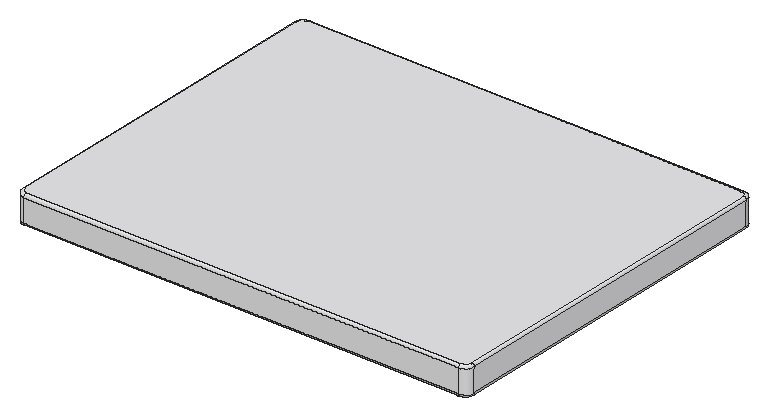
Revit family "Accessory-Tray-KOHLER-Draft-K-27357_1", category Specialty Equipment, host Face, Revit 2017
Family settings
  Host = Face
  Round Connector Dimension = Use Diameter
  Part Type = Normal
  OmniClass Number = 23.31.25.00
  OmniClass Title = Toilet and Bath Specialties
  Cut with Voids When Loaded = No
  Shared = No
  Room Calculation Point = No
Parameters (values of type "0-White")
  Width = 5 15/16"  # constant formula
  WaterSense Certified = 1 = 0  # no
  URL = "https://www.us.kohler.com/us/"
  Type = 1
  Product Page URL = "http://www.us.kohler.com/us/catalog/productDetails.jsp?productNumber=27357"
  Product Name = "Draft"  # constant formula
  Product Documentation Link = "https://www.us.kohler.com/webassets/kpna/catalog/pdf/en/K-27357_spec.pdf"
  Model = if(Type = 1, "K-27357-0", if(Type = 2, " K-27357-7", "NA"))  # "K-27357-0"
  Material = "Durable Composite Material"  # constant formula
  Master Format 2014 Name = "Toilet, Bath, and Laundry Accessories"  # constant formula
  Master Format 2014 = "10 28 00"  # constant formula
  Manufacturer Address = "444 Highland Dr, Kohler, WI 53044"  # constant formula
  Manufacturer = "KOHLER Co."  # constant formula
  Length = 4 11/16"  # constant formula
  Height = 3/8"  # constant formula
  Finish = Kohler-Plastic-0-White
  Environmental Product Declaration = ""
  Description = "6 inch tray"  # constant formula
  Default Elevation = 42"
  Declare Label = ""
  Date Modified = "03/30/2020"  # constant formula
  Date Created = "03/30/2020"  # constant formula
  Copyright = "Copyright KOHLER Co."  # constant formula
  Contact Us = "https://www.us.kohler.com/us/static/contact.jsp"
  Assembly Code = "C1030200"
  ADA Compliant = 1 = 0  # no
Types (3): name | Type | Model | Finish
  (no name) | 1 | "K-27357-0" | Kohler-Plastic-0-White
  0-White | 1 | "K-27357-0" | Kohler-Plastic-0-White
  7-Black Black | 2 | " K-27357-7" | Kohler-Plastic-7-Black_Black
Reference planes (in)
  plane 1 "Center (Front/Back)": y = 0
  plane 2: z = 0
  plane 3 "Center (Left/Right)": x = 0
  plane 4: x = -2.96875
  plane 5: y = -2.34375
  plane 6: x = 2.96875
  plane 7: y = 2.34375
  plane 8: y = 1.8681102
  plane 9: z = -0.1179439
  plane 10: y = -1.8681102
  plane 11: x = -2.1515753
  plane 12: x = 2.1515753
  plane 13: z = 0.375
Forms (in)
  Extrusion 1, void
    sketch origin (0, 0, 0) x (1, 0, 0) y (0, 1, 0)
      loop
        line (-2.2023565, 1.9188915) -> (-2.2023565, -1.9188915) -> (2.2023565, -1.9188915) -> (2.2023565, 1.9188915) -> (-2.2023565, 1.9188915)
    from -0.1197474 to 0
Dimensions and locks (in)
  "Width": plane 4 to plane 6
  "Length": plane 5 to plane 7
  "Height": plane 13 to level
  aligned and locked: plane 2 to host face
  aligned and locked: level to host face
  aligned and locked: plane 3 "Center (Left/Right)" to nested 1
  aligned and locked: plane 1 "Center (Front/Back)" to nested 1
  aligned and locked: host face to nested 1
Automatic sketch dimensions
  host sketch curve to host sketch curve = 96"  (x2)
  Extrusion 1 sketch curve to plane 4 = 0.76639"
  Extrusion 1 sketch curve to plane 6 = 0.76639"
  plane 5 to Extrusion 1 sketch curve = 0.42486"
  plane 7 to Extrusion 1 sketch curve = 0.42486"
Nested families (in)
  nested 1: "K-27357" at (0, 0, -0.1179564), type "K-27357"
Definition of nested family "K-27357"
  Parameters (values of type "K-27357")
    Material = none
  Reference planes (in)
    plane 1 "Center (Front/Back)": y = 0
    plane 2: z = 0
    plane 3 "Center (Left/Right)": x = 0
    plane 4: x = -2.96875
    plane 5: y = 2.34375
    plane 6: x = 2.96875
    plane 7: y = -2.34375
    plane 8: z = 0.1179564
    plane 9: z = 0.4929564
    plane 10: y = 1.8681102
    plane 11: y = -1.8681102
    plane 12: x = -2.1515753
    plane 13: x = 2.1515753
  Forms (in)
    Sweep 1, solid, material <- "Material", detail levels medium+fine
      path origin (0, 0, 0) x (1, 0, 0) y (0, 1, 0)
        loop
          line (2.1515753, 1.8681102) -> (-2.1515753, 1.8681102) -> (-2.1515753, -1.8681102) -> (2.1515753, -1.8681102) -> (2.1515753, 1.8681102)
      profile origin (0, 1.8681102, 0) x (0, -1, 0) y (0, 0, 1)
        loop
          line (0, 0.1179564) -> (0, 0.0210689)
          arc (0, 0.0210689) -> (0.0061709, 0.0061709) -> (0.0210689, 0) r 0.0210689
          line (0.0210689, 0) -> (0.1259843, 0) -> (0.1259843, 0.1179564) -> (0, 0.1179564)
    Sweep 2, solid, material <- "Material", detail levels medium+fine
      path origin (0, 0, 0) x (1, 0, 0) y (0, 1, 0)
        loop
          line (2.859375, 2.34375) -> (-2.859375, 2.34375)
          arc (-2.859375, 2.34375) -> (-2.9367148, 2.3117148) -> (-2.96875, 2.234375) r 0.109375
          line (-2.96875, 2.234375) -> (-2.96875, -2.234375)
          arc (-2.96875, -2.234375) -> (-2.9367148, -2.3117148) -> (-2.859375, -2.34375) r 0.109375
          line (-2.859375, -2.34375) -> (2.859375, -2.34375)
          arc (2.859375, -2.34375) -> (2.9367148, -2.3117148) -> (2.96875, -2.234375) r 0.109375
          line (2.96875, -2.234375) -> (2.96875, 2.234375)
          arc (2.96875, 2.234375) -> (2.9367148, 2.3117148) -> (2.859375, 2.34375) r 0.109375
      profile origin (0, 2.34375, 0) x (0, -1, 0) y (0, 0, 1)
        loop
          line (0, 0.4595306) -> (0, 0.1513823)
          arc (0, 0.1513823) -> (0.0097902, 0.1277467) -> (0.0334259, 0.1179564) r 0.0334259
          line (0.0334259, 0.1179564) -> (0.0642005, 0.1179564) -> (0.0642005, 0.4929564) -> (0.0334259, 0.4929564)
          arc (0.0334259, 0.4929564) -> (0.0097902, 0.4831662) -> (0, 0.4595306) r 0.0334259
    Extrusion 3, solid, material <- "Material", detail levels medium+fine
      sketch origin (0, 0, 0) x (1, 0, 0) y (0, 1, 0)
        loop
          line (-2.025591, -1.7421259) -> (2.025591, -1.7421259) -> (2.025591, 1.7421259) -> (-2.025591, 1.7421259) -> (-2.025591, -1.7421259)
      from 0 to 0.1179564
    Extrusion 4, solid, material <- "Material", detail levels medium+fine
      sketch origin (0, 0, 0) x (1, 0, 0) y (0, 1, 0)
        loop
          arc (2.859375, -2.2795495) -> (2.8913182, -2.2663182) -> (2.9045495, -2.234375) r 0.0451745
          line (2.9045495, -2.234375) -> (2.9045495, 2.234375)
          arc (2.9045495, 2.234375) -> (2.8913182, 2.2663182) -> (2.859375, 2.2795495) r 0.0451745
          line (2.859375, 2.2795495) -> (-2.859375, 2.2795495)
          arc (-2.859375, 2.2795495) -> (-2.8913182, 2.2663182) -> (-2.9045495, 2.234375) r 0.0451745
          line (-2.9045495, 2.234375) -> (-2.9045495, -2.234375)
          arc (-2.9045495, -2.234375) -> (-2.8913182, -2.2663182) -> (-2.859375, -2.2795495) r 0.0451745
          line (-2.859375, -2.2795495) -> (2.859375, -2.2795495)
      from 0.1179564 to 0.4929564
    Extrusion 5, solid, material <- "Material", detail levels coarse
      sketch origin (0, 0, 0) x (1, 0, 0) y (0, 1, 0)
        loop
          line (-2.1515753, 1.8681102) -> (-2.1515753, -1.8681102) -> (2.1515753, -1.8681102) -> (2.1515753, 1.8681102) -> (-2.1515753, 1.8681102)
      from 0 to 0.1179564
    Extrusion 6, solid, material <- "Material", detail levels coarse
      sketch origin (0, 0, 0) x (1, 0, 0) y (0, 1, 0)
        loop
          line (2.96875, 2.34375) -> (-2.96875, 2.34375) -> (-2.96875, -2.34375) -> (2.96875, -2.34375) -> (2.96875, 2.34375)
      from 0.1179564 to 0.4929564
  Cuts and joins
    joined: Extrusion 5, Extrusion 6
    joined: Sweep 1, Sweep 2, Extrusion 3, Extrusion 4
  Lines and regions (in)
    Masking region 1
      outline origin (0, 0, 0) x (1, 0, 0) y (0, 0, 1)
        loop
          line (-2.96875, 0.4580636) -> (-2.96875, 0.1531127)
          arc (-2.96875, 0.1531127) -> (-2.958453, 0.1282535) -> (-2.9335938, 0.1179564) r 0.0351563
          line (-2.9335938, 0.1179564) -> (-2.1515753, 0.1179564) -> (-2.1515753, 0.0201477)
          arc (-2.1515753, 0.0201477) -> (-2.1456742, 0.0059011) -> (-2.1314276, 0) r 0.0201477
          line (-2.1314276, 0) -> (2.1314276, 0)
          arc (2.1314276, 0) -> (2.1456742, 0.0059011) -> (2.1515753, 0.0201477) r 0.0201477
          line (2.1515753, 0.0201477) -> (2.1515753, 0.1179564) -> (2.9335938, 0.1179564)
          arc (2.9335938, 0.1179564) -> (2.958453, 0.1282535) -> (2.96875, 0.1531127) r 0.0351563
          line (2.96875, 0.1531127) -> (2.96875, 0.4578002)
          arc (2.96875, 0.4578002) -> (2.958453, 0.4826594) -> (2.9335938, 0.4929564) r 0.0351563
          line (2.9335938, 0.4929564) -> (-2.9338572, 0.4929564)
          arc (-2.9338572, 0.4929564) -> (-2.9585301, 0.4827366) -> (-2.96875, 0.4580636) r 0.0348928
    Masking region 2
      outline origin (0, 0, 0) x (0, 1, 0) y (0, 0, 1)
        loop
          arc (2.34375, 0.4617064) -> (2.3345971, 0.4838035) -> (2.3125, 0.4929564) r 0.03125
          line (2.3125, 0.4929564) -> (-2.3125, 0.4929564)
          arc (-2.3125, 0.4929564) -> (-2.3345971, 0.4838035) -> (-2.34375, 0.4617064) r 0.03125
          line (-2.34375, 0.4617064) -> (-2.34375, 0.1492064)
          arc (-2.34375, 0.1492064) -> (-2.3345971, 0.1271094) -> (-2.3125, 0.1179564) r 0.03125
          line (-2.3125, 0.1179564) -> (-1.8681102, 0.1179564) -> (-1.8681102, 0.0208347)
          arc (-1.8681102, 0.0208347) -> (-1.8620079, 0.0061024) -> (-1.8472755, 0) r 0.0208347
          line (-1.8472755, 0) -> (1.8472755, 0)
          arc (1.8472755, 0) -> (1.8620079, 0.0061024) -> (1.8681102, 0.0208347) r 0.0208347
          line (1.8681102, 0.0208347) -> (1.8681102, 0.1179564) -> (2.3118423, 0.1179564)
          arc (2.3118423, 0.1179564) -> (2.3344044, 0.127302) -> (2.34375, 0.1498642) r 0.0319077
          line (2.34375, 0.1498642) -> (2.34375, 0.4617064)
    Masking region 3
      outline origin (0, 0, 0) x (1, 0, 0) y (0, 1, 0)
        loop
          arc (2.96875, 2.2359178) -> (2.9371667, 2.3121667) -> (2.8609178, 2.34375) r 0.1078322
          line (2.8609178, 2.34375) -> (-2.8565448, 2.34375)
          arc (-2.8565448, 2.34375) -> (-2.9358859, 2.3108859) -> (-2.96875, 2.2315448) r 0.1122052
          line (-2.96875, 2.2315448) -> (-2.9668879, -2.2460938)
          arc (-2.9668879, -2.2460938) -> (-2.9382851, -2.3151471) -> (-2.8692317, -2.34375) r 0.0976563
          line (-2.8692317, -2.34375) -> (2.8710938, -2.34375)
          arc (2.8710938, -2.34375) -> (2.9401471, -2.3151471) -> (2.96875, -2.2460938) r 0.0976563
          line (2.96875, -2.2460938) -> (2.96875, 2.2359178)
    symbolic lines, detail levels medium+fine
      curve 1: line (-2.1515753, 0, 0.1179564) -> (2.1515753, 0, 0.1179564)
      curve 2: line (0, 1.8681102, 0.1179564) -> (0, -1.8681102, 0.1179564)
  Dimensions and locks (in)
    plane 4 to plane 6 = 5 15/16"
    plane 7 to plane 5 = 4 11/16"
    plane 9 to plane 8 = 3/8"
    aligned and locked: plane 2 to level
